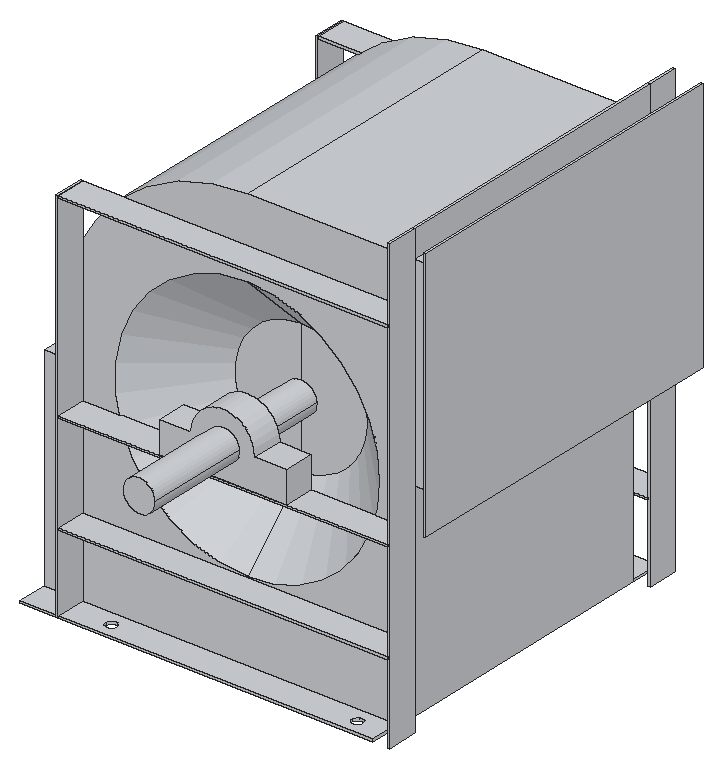
Revit family "CA_DWDI_CW_THD", category Mechanical Equipment, Revit 2019
Family settings
  Round Connector Dimension = Use Radius
  Part Type = Normal
  Work Plane-Based = No
  Always vertical = Yes
  Cut with Voids When Loaded = No
  Shared = No
  Room Calculation Point = No
Parameters (values of type "120_CA-DWDI_CW_THD_CLASS_3")
  X/2 = X / 2  # 0' - 10 31/32"
  X = 1' - 9 15/16"
  W/2 = W / 2  # 0' - 0 11/32"
  W = 0' - 0 11/16"
  V = 1' - 6"
  Unit Weight [instance] = ""
  U = 0' - 7 1/2"
  T = 0' - 9 31/32"
  Sones [instance] = ""
  S = 1' - 7 15/16"
  R/2 = R / 2  # 0' - 0 31/32"
  R+R = R + R  # 0' - 3 7/8"
  R = 0' - 1 15/16"
  P-N-M = P - N - M  # 0' - 1 7/8"
  P-N = -(P - N)  # -1' - 11 9/16"
  P = 2' - 5 15/16"
  N = 0' - 6 3/8"
  Motor RPM [instance] = ""
  Motor Enclosure [instance] = ""
  ModelID [instance] = ""
  M/2 = M / 2  # 0' - 10 27/32"
  M = 1' - 9 11/16"
  LwA [instance] = ""
  L = M / 2  # 0' - 10 27/32"
  K = 1' - 9 1/2"
  J = 1' - 0 3/8"
  INLET/2 = INLET / 2  # 0' - 8 1/16"
  INLET = 1' - 4 1/8"
  H = 2' - 0 1/2"
  G/5*3 = INLET / 2  # 0' - 8 1/16"
  G/10*3 = INLET / 4  # 0' - 4 1/32"
  G-2.5" = G - R  # 0' - 11 1/16"
  G-(G/5*3) = G - (INLET / 2)  # 0' - 4 15/16"
  G+((G/5*3)+2") = G + ((INLET / 2) + 0' 2")  # 1' - 11 1/16"
  G = 1' - 1"
  Fan RPM [instance] = ""
  F-((D-A)/2) = F - ((D - A) / 2)  # 2' - 1 7/8"
  F = 2' - 3 9/16"
  E/2 = E / 2  # 0' - 10 17/32"
  E = 1' - 9 1/16"
  D/2 = D / 2  # 0' - 7 3/4"
  D = 1' - 3 1/2"
  B/2 = B / 2  # 0' - 8 27/32"
  B+.25" = B + 0' 0 1/4"  # 1' - 5 15/16"
  B = 1' - 5 11/16"
  Accessories [instance] = ""
  A/2 = A / 2  # 0' - 6 1/16"
  A+.25" = A + 0' 0 1/4"  # 1' - 0 3/8"
  A = 1' - 0 1/8"
  3" = 0' - 3"  # constant formula
  Brake Hp [instance] = ""
  4" = 0' - 4"  # constant formula
  2' = 2' - 0"
  2" = 0' - 2"  # constant formula
  1" = 0' - 1"  # constant formula
  0 = 0' - 0"  # constant formula
  Voltage [instance] = 0 V
  URL = "www.lorencook.com"
  Type Comments = "Airfoil Centrifugal Blower Clockwise Top Horizontal Arrangement 3 Class 3"
  Static Pressure [instance] = 0.00 in-wg
  Power [instance] = Voltage * Motor FLA * sqrt(if(Phase = 3, 3, 1))  # 0 VA
  Phase [instance] = 0
  Number of Poles [instance] = 1
  Motor Hp [instance] = "0"
  Motor FLA [instance] = 0 A
  Model = "CA DWDI"  # constant formula
  Manufacturer = "Loren Cook Company"
  CFM [instance] = 0 CFM
  1.5 = 0' - 1 1/2"  # constant formula
  ONE EIGTH = 0' - 0 1/8"  # constant formula
  -((B+.25")/2) = -((B + 0' 0 1/4") / 2)  # -0' - 8 31/32"
  (M-(B+.25"))/2 = (M - (B + 0' 0 1/4")) / 2  # 0' - 1 7/8"
  (G/5*3)+2" = INLET / 2 + 0' 2"  # 0' - 10 1/16"
  ((B+.25")/2) = ((B + 0' 0 1/4") / 2)  # 0' - 8 31/32"
Reference planes (in)
  plane 1 "Center (Front/Back)": y = 0
  plane 2: z = 0
  plane 3 "Center (Left/Right)": x = 0.40541
Forms (in)
  Extrusion 1, solid
    sketch origin (0, 0, 0) x (1, 0, 0) y (0, 0, 1)
      loop
        arc (0.40541, 25.875) -> (-8.18464, 22.00189) -> (-10.96959, 13) r 11.46238
        line (-10.96959, 13) -> (-11.96959, 13) -> (-11.96959, 0) -> (9.53041, 0) -> (9.53041, 13.5) -> (12.53041, 13.5) -> (12.53041, 25.875) -> (0.40541, 25.875)
    from -8.96875 <- "-((B+.25")/2)" to 8.96875 <- "((B+.25")/2)"
  Revolve 2, void
    sketch origin (0.40541, 0, 0) x (0, 1, 0) y (0, 0, 1)
      loop
        line (8.96875, 21.0625) -> (4.9375, 17.03125) -> (4.9375, 13) -> (8.96875, 13) -> (8.96875, 21.0625)
      loop
        line (-8.96875, 21.0625) -> (-8.96875, 13) -> (-4.9375, 13) -> (-4.9375, 17.03125) -> (-8.96875, 21.0625)
      axis (8.96875, 13) -> (-8.96875, 13)
    angle from 0 to 360
  Extrusion 3, solid
    sketch origin (12.53041, 0, 25.875) x (0, 0, -1) y (0, 1, 0)
      loop
        line (-1.6875, -10.53125) -> (13.8125, -10.53125) -> (13.8125, 10.53125) -> (-1.6875, 10.53125) -> (-1.6875, -10.53125)
    from 0 to -0.125
  Extrusion 4, solid
    sketch origin (0, 0, 0) x (1, 0, 0) y (0, 1, 0)
      loop
        line (9.53041, 10.84375) -> (-11.96959, 10.84375) -> (-11.96959, 8.96875) -> (9.53041, 8.96875) -> (9.53041, 10.84375)
      loop
        line (-11.96959, -10.84375) -> (9.53041, -10.84375) -> (9.53041, -8.96875) -> (-11.96959, -8.96875) -> (-11.96959, -10.84375)
    from 0 to 0.125
  Extrusion 5, void
    sketch origin (0, 0, 0) x (1, 0, 0) y (0, 1, 0)
      loop
        circle (7.90541, 9.96875) r 0.34375
      loop
        circle (-7.09459, 9.96875) r 0.34375
      loop
        circle (-25.09459, 9.96875) r 0.34375
      loop
        circle (-25.09459, -9.96875) r 0.34375
      loop
        circle (-7.09459, -9.96875) r 0.34375
      loop
        circle (7.90541, -9.96875) r 0.34375
    from 0 to 0.125
  Extrusion 6, solid
    sketch origin (-11.96959, -10.84375, 0) x (1, 0, 0) y (0, 0, 1)
      loop
        circle (12.375, 13) r 0.96875
    from 6.375 <- "N" to -23.5625 <- "P-N"
  Extrusion 7, solid
    sketch origin (0, -8.96875, 0) x (1, 0, 0) y (0, 0, 1)
      loop
        line (10.46791, 27.5625) -> (10.46791, 0) -> (10.59291, 0) -> (10.59291, 27.5625) -> (10.46791, 27.5625)
      loop
        line (-9.65709, 0) -> (-9.65709, 23.0625) -> (-9.78209, 23.0625) -> (-9.78209, 0) -> (-9.65709, 0)
    from 0 to 1.875 <- "P-N-M"
  Extrusion 8, solid
    sketch origin (0, -8.96875, 0) x (1, 0, 0) y (0, 0, 1)
      loop
        line (-9.65709, 23.0625) -> (-9.65709, 22.9375) -> (10.46791, 22.9375) -> (10.46791, 23.0625) -> (-9.65709, 23.0625)
      loop
        line (-9.65709, 4.9375) -> (-9.65709, 4.8125) -> (10.46791, 4.8125) -> (10.46791, 4.9375) -> (-9.65709, 4.9375)
      loop
        line (10.46791, 11.0625) -> (-9.65709, 11.0625) -> (-9.65709, 10.9375) -> (10.46791, 10.9375) -> (10.46791, 11.0625)
    from 0 to 1.875 <- "P-N-M"
  Extrusion 9, solid
    sketch origin (0, -8.96875, 0) x (1, 0, 0) y (0, 0, 1)
      loop
        arc (2.34291, 13) -> (0.40541, 14.9375) -> (-1.53209, 13) r 1.9375
        line (-1.53209, 13) -> (-3.46959, 13) -> (-3.46959, 11.0625) -> (4.28041, 11.0625) -> (4.28041, 13) -> (2.34291, 13)
    from 0 to 1.875 <- "P-N-M"
  Extrusion 10, solid
    sketch origin (0, 8.96875, 0) x (-1, 0, 0) y (0, 0, 1)
      loop
        line (-10.46791, 0.125) -> (-10.46791, 27.5625) -> (-10.59291, 27.5625) -> (-10.59291, 0.125) -> (-10.46791, 0.125)
      loop
        line (9.65709, 23.0625) -> (9.65709, 0.125) -> (9.78209, 0.125) -> (9.78209, 23.0625) -> (9.65709, 23.0625)
    from 0 to 1.875 <- "P-N-M"
  Extrusion 11, solid
    sketch origin (0, 8.96875, 0) x (-1, 0, 0) y (0, 0, 1)
      loop
        line (-10.46791, 23.0625) -> (-10.46791, 22.9375) -> (9.65709, 22.9375) -> (9.65709, 23.0625) -> (-10.46791, 23.0625)
      loop
        line (9.65709, 11.0625) -> (-10.46791, 11.0625) -> (-10.46791, 10.9375) -> (9.65709, 10.9375) -> (9.65709, 11.0625)
      loop
        line (-10.46791, 4.9375) -> (-10.46791, 4.8125) -> (9.65709, 4.8125) -> (9.65709, 4.9375) -> (-10.46791, 4.9375)
    from 0 to 1.875 <- "P-N-M"
  Extrusion 12, solid
    sketch origin (0, 8.96875, 0) x (-1, 0, 0) y (0, 0, 1)
      loop
        arc (1.53209, 13) -> (-0.40541, 14.9375) -> (-2.34291, 13) r 1.9375
        line (-2.34291, 13) -> (-4.28041, 13) -> (-4.28041, 11.0625) -> (3.46959, 11.0625) -> (3.46959, 13) -> (1.53209, 13)
    from 0 to 1.875 <- "P-N-M"
  Extrusion 13, solid
    sketch origin (10.46791, -8.96875, 0) x (0, 0, 1) y (0, 1, 0)
      loop
        line (27.5625, 17.9375) -> (25.875, 17.9375) -> (25.875, 0) -> (27.5625, 0) -> (27.5625, 17.9375)
    from 0 to -0.125
Cuts and joins
  Revolve 2, Extrusion 5 cuts Extrusion 1
  Extrusion 5 cuts Extrusion 4
Dimensions and locks (in)
  "F-((D-A)/2)": Extrusion 1 sketch curve to level
  "A+.25"": Extrusion 1 sketch curve to Extrusion 1 sketch curve
  "J": plane 3 "Center (Left/Right)" to Extrusion 1 sketch curve
  "K": Extrusion 1 sketch curve to Extrusion 1 sketch curve
  "H": Extrusion 1 sketch curve to Extrusion 1 sketch curve
  "G": Extrusion 1 sketch curve to level
  "1"": Extrusion 1 sketch curve to Extrusion 1 sketch curve
  "0": Extrusion 1 sketch curve to level
  "0": Extrusion 1 sketch curve to plane 3 "Center (Left/Right)"
  "0": Extrusion 1 to Revolve 2 sketch curve
  "0": Revolve 2 sketch curve to Extrusion 1
  "G": level to Revolve 2 sketch curve
  "G": Revolve 2 sketch curve to level  (x2)
  "G/10*3": Revolve 2 sketch curve to Revolve 2 sketch curve  (x4)
  "E/2": Extrusion 3 sketch curve to plane 1 "Center (Front/Back)"
  "E/2": plane 1 "Center (Front/Back)" to Extrusion 3 sketch curve
  "F": level to Extrusion 3 sketch curve
  "D": Extrusion 3 sketch curve to Extrusion 3 sketch curve
  "0": cut or joined group of Extrusion 1, Revolve 2, Extrusion 5 to Extrusion 4 sketch curve  (x3)
  "0": Extrusion 4 sketch curve to cut or joined group of Extrusion 1, Revolve 2, Extrusion 5  (x3)
  "M/2": Extrusion 4 sketch curve to plane 1 "Center (Front/Back)"
  "M/2": plane 1 "Center (Front/Back)" to Extrusion 4 sketch curve
  "T": plane 1 "Center (Front/Back)" to Extrusion 5 sketch curve  (x3)
  "T": Extrusion 5 sketch curve to plane 1 "Center (Front/Back)"  (x3)
  "U": Extrusion 5 sketch curve to plane 3 "Center (Left/Right)"  (x2)
  "U": plane 3 "Center (Left/Right)" to Extrusion 5 sketch curve  (x2)
  "V": Extrusion 5 sketch curve to Extrusion 5 sketch curve  (x2)
  "G": Extrusion 6 sketch curve to level
  "0": Extrusion 6 sketch curve to plane 3 "Center (Left/Right)"
  "0": Extrusion 7 sketch curve to Extrusion 3
  "0": Extrusion 7 sketch curve to level  (x2)
  "ONE EIGTH": Extrusion 7 sketch curve to Extrusion 7 sketch curve  (x2)
  "(G/5*3)+2"": Extrusion 7 sketch curve to plane 3 "Center (Left/Right)"
  "(G/5*3)+2"": plane 3 "Center (Left/Right)" to Extrusion 7 sketch curve
  "G+((G/5*3)+2")": Extrusion 7 sketch curve to level
  "(G/5*3)+2"": plane 3 "Center (Left/Right)" to Extrusion 8 sketch curve  (x3)
  "(G/5*3)+2"": Extrusion 8 sketch curve to plane 3 "Center (Left/Right)"  (x3)
  "0": Extrusion 8 sketch curve to Extrusion 7
  "ONE EIGTH": Extrusion 8 sketch curve to Extrusion 8 sketch curve  (x3)
  "G-(G/5*3)": Extrusion 8 sketch curve to level
  "G-2.5"": Extrusion 8 sketch curve to level
  "R+R": plane 3 "Center (Left/Right)" to Extrusion 9 sketch curve
  "R+R": Extrusion 9 sketch curve to plane 3 "Center (Left/Right)"
  "0": Extrusion 9 sketch curve to plane 3 "Center (Left/Right)"
  "G": Extrusion 9 sketch curve to cut or joined group of Extrusion 4, Extrusion 5
  "0": Extrusion 9 sketch curve to Extrusion 9 sketch curve  (x2)
  "0": Extrusion 9 sketch curve to Extrusion 8
  "ONE EIGTH": level to Extrusion 10 sketch curve  (x2)
  "0": Extrusion 8 to Extrusion 10 sketch curve
  "0": Extrusion 10 sketch curve to Extrusion 7
  "ONE EIGTH": Extrusion 10 sketch curve to Extrusion 10 sketch curve  (x2)
  "(G/5*3)+2"": Extrusion 10 sketch curve to plane 3 "Center (Left/Right)"
  "(G/5*3)+2"": plane 3 "Center (Left/Right)" to Extrusion 10 sketch curve
  "(G/5*3)+2"": Extrusion 11 sketch curve to plane 3 "Center (Left/Right)"  (x3)
  "(G/5*3)+2"": plane 3 "Center (Left/Right)" to Extrusion 11 sketch curve  (x3)
  "ONE EIGTH": Extrusion 11 sketch curve to Extrusion 11 sketch curve  (x3)
  "0": Extrusion 8 to Extrusion 11 sketch curve  (x3)
  "0": Extrusion 12 sketch curve to Extrusion 11
  "G": level to Extrusion 12 sketch curve  (x3)
  "R+R": plane 3 "Center (Left/Right)" to Extrusion 12 sketch curve
  "R+R": Extrusion 12 sketch curve to plane 3 "Center (Left/Right)"
  "0": Extrusion 12 sketch curve to plane 3 "Center (Left/Right)"
  "0": cut or joined group of Extrusion 1, Revolve 2, Extrusion 5 to Extrusion 13 sketch curve
  "0": Extrusion 13 sketch curve to cut or joined group of Extrusion 1, Revolve 2, Extrusion 5  (x2)
  "0": Extrusion 7 to Extrusion 13 sketch curve
  "INLET/2": Revolve 2 sketch curve to Revolve 2 sketch curve  (x2)
  "W/2": radius of Extrusion 5 sketch curve  (x6)
  "R/2": radius of Extrusion 6 sketch curve
  "R": radius of Extrusion 9 sketch curve
  "R": radius of Extrusion 12 sketch curve
Automatic sketch dimensions
  Extrusion 9 sketch curve to Extrusion 9 sketch curve = 0' - 0"
  plane 1 "Center (Front/Back)" to Revolve 2 sketch curve = 0' - 3.84814"
  Revolve 2 sketch curve to Revolve 2 sketch curve = 0' - 0"
Connectors (in)
  hvac at (0.40541, -8.96875, 13), driven by "INLET/2"
    settings: on cut or joined group of Extrusion 1, Revolve 2, Extrusion 5, index 1, duct flow 0 CFM, flow factor 0, pres drop 0.00 in-wg, loss coef 0, conn angle 0.00°, conn width 12", conn height 12", conn diameter 16 1/8", duct sys type 29, conn prof type 0, flow config 0, flow direction 1, loss method 0, conn ref index -1, conn util no, is conn primary yes, conn desc ""
  hvac at (12.53041, 0, 19.6875), driven by "A", driven by "B"
    settings: on cut or joined group of Extrusion 1, Revolve 2, Extrusion 5, index 2, duct flow 0 CFM, flow factor 0, pres drop 0.00 in-wg, loss coef 0, conn angle 0.00°, conn width 17 11/16", conn height 12 1/8", conn diameter 24", duct sys type 29, conn prof type 1, flow config 0, flow direction 2, loss method 0, conn ref index -1, conn util no, is conn primary no, conn desc ""
  hvac at (0.40541, 8.96875, 13), driven by "INLET/2"
    settings: on cut or joined group of Extrusion 1, Revolve 2, Extrusion 5, index 3, duct flow 0 CFM, flow factor 0, pres drop 0.00 in-wg, loss coef 0, conn angle 0.00°, conn width 12", conn height 12", conn diameter 16 1/8", duct sys type 29, conn prof type 0, flow config 0, flow direction 1, loss method 0, conn ref index -1, conn util no, is conn primary no, conn desc ""
Types (61): name | X/2 | X | W/2 | W | V | U | T | S | R/2 | R+R | R | P-N-M | P-N | P | N | M/2 | M | L | K | J | INLET/2 | INLET | H | G/5*3 | G/10*3 | G-2.5" | G-(G/5*3) | G+((G/5*3)+2") | G | F-((D-A)/2) | F | E/2 | E | D/2 | D | B/2 | B+.25" | B | A/2 | A+.25" | A | Type Comments | -((B+.25")/2) | (M-(B+.25"))/2 | (G/5*3)+2" | ((B+.25")/2)
  (no name) | 0' - 10 31/32" | 1' - 9 15/16" | 0' - 0 11/32" | 0' - 0 11/16" | 1' - 6" | 0' - 7 1/2" | 0' - 9 31/32" | 1' - 7 15/16" | 0' - 0 31/32" | 0' - 3 7/8" | 0' - 1 15/16" | 0' - 1 7/8" | -1' - 11 9/16" | 2' - 5 15/16" | 0' - 6 3/8" | 0' - 10 27/32" | 1' - 9 11/16" | 0' - 10 27/32" | 1' - 9 1/2" | 1' - 0 3/8" | 0' - 8 1/16" | 1' - 4 1/8" | 2' - 0 1/2" | 0' - 8 1/16" | 0' - 4 1/32" | 0' - 11 1/16" | 0' - 4 15/16" | 1' - 11 1/16" | 1' - 1" | 2' - 1 7/8" | 2' - 3 9/16" | 0' - 10 17/32" | 1' - 9 1/16" | 0' - 7 3/4" | 1' - 3 1/2" | 0' - 8 27/32" | 1' - 5 15/16" | 1' - 5 11/16" | 0' - 6 1/16" | 1' - 0 3/8" | 1' - 0 1/8" | "Airfoil Centrifugal Blower Clockwise Top Horizontal Arrangement 3 Class 3" | -0' - 8 31/32" | 0' - 1 7/8" | 0' - 10 1/16" | 0' - 8 31/32"
  120_CA-DWDI_CW_THD_CLASS_1 | 0' - 10 31/32" | 1' - 9 15/16" | 0' - 0 11/32" | 0' - 0 11/16" | 1' - 6" | 0' - 7 1/2" | 0' - 9 31/32" | 1' - 7 15/16" | 0' - 0 23/32" | 0' - 2 7/8" | 0' - 1 7/16" | 0' - 1 1/4" | -1' - 10 15/16" | 2' - 4 11/16" | 0' - 5 3/4" | 0' - 10 27/32" | 1' - 9 11/16" | 0' - 10 27/32" | 1' - 9 1/2" | 1' - 0 3/8" | 0' - 8 1/16" | 1' - 4 1/8" | 2' - 0 1/2" | 0' - 8 1/16" | 0' - 4 1/32" | 0' - 11 9/16" | 0' - 4 15/16" | 1' - 11 1/16" | 1' - 1" | 2' - 1 7/8" | 2' - 3 9/16" | 0' - 10 17/32" | 1' - 9 1/16" | 0' - 7 3/4" | 1' - 3 1/2" | 0' - 8 27/32" | 1' - 5 15/16" | 1' - 5 11/16" | 0' - 6 1/16" | 1' - 0 3/8" | 1' - 0 1/8" | "Airfoil Centrifugal Blower Clockwise Top Horizontal Arrangement 3 Class 1" | -0' - 8 31/32" | 0' - 1 7/8" | 0' - 10 1/16" | 0' - 8 31/32"
  135_CA-DWDI_CW_THD_CLASS_1 | 1' - 0 3/32" | 2' - 0 3/16" | 0' - 0 11/32" | 0' - 0 11/16" | 1' - 6" | 0' - 8 1/2" | 0' - 11 3/32" | 1' - 10 3/16" | 0' - 0 23/32" | 0' - 2 7/8" | 0' - 1 7/16" | 0' - 1 1/4" | -2' - 1 3/16" | 2' - 6 15/16" | 0' - 5 3/4" | 0' - 11 31/32" | 1' - 11 15/16" | 0' - 11 31/32" | 2' - 0" | 1' - 1 7/8" | 0' - 8 13/16" | 1' - 5 5/8" | 2' - 3" | 0' - 8 13/16" | 0' - 4 13/32" | 1' - 0 9/16" | 0' - 5 3/16" | 2' - 0 13/16" | 1' - 2" | 2' - 4 1/2" | 2' - 6 3/16" | 0' - 11 21/32" | 1' - 11 5/16" | 0' - 8 1/2" | 1' - 5" | 0' - 9 31/32" | 1' - 8 3/16" | 1' - 7 15/16" | 0' - 6 13/16" | 1' - 1 7/8" | 1' - 1 5/8" | "Airfoil Centrifugal Blower Clockwise Top Horizontal Arrangement 3 Class 1" | -0' - 10 3/32" | 0' - 1 7/8" | 0' - 10 13/16" | 0' - 10 3/32"
  150_CA-DWDI_CW_THD_CLASS_1 | 1' - 1 1/8" | 2' - 2 1/4" | 0' - 0 11/32" | 0' - 0 11/16" | 1' - 6" | 0' - 9" | 1' - 0 1/8" | 2' - 0 1/4" | 0' - 0 27/32" | 0' - 3 3/8" | 0' - 1 11/16" | 0' - 1 5/8" | -2' - 3 5/8" | 2' - 10 1/4" | 0' - 6 5/8" | 1' - 1" | 2' - 2" | 1' - 1" | 2' - 2" | 1' - 3 3/16" | 0' - 9 9/16" | 1' - 7 1/8" | 2' - 5" | 0' - 9 9/16" | 0' - 4 25/32" | 1' - 1 5/16" | 0' - 5 7/16" | 2' - 2 9/16" | 1' - 3" | 2' - 7 1/8" | 2' - 8 13/16" | 1' - 0 11/16" | 2' - 1 3/8" | 0' - 9 5/16" | 1' - 6 5/8" | 0' - 11" | 1' - 10 1/4" | 1' - 10" | 0' - 7 5/8" | 1' - 3 1/2" | 1' - 3 1/4" | "Airfoil Centrifugal Blower Clockwise Top Horizontal Arrangement 3 Class 1" | -0' - 11 1/8" | 0' - 1 7/8" | 0' - 11 9/16" | 0' - 11 1/8"
  165_CA-DWDI_CW_THD_CLASS_1 | 1' - 2 1/8" | 2' - 4 1/4" | 0' - 0 11/32" | 0' - 0 11/16" | 1' - 6" | 0' - 10" | 1' - 1 1/8" | 2' - 2 1/4" | 0' - 0 27/32" | 0' - 3 3/8" | 0' - 1 11/16" | 0' - 1 5/8" | -2' - 5 5/8" | 3' - 0 1/4" | 0' - 6 5/8" | 1' - 2" | 2' - 4" | 1' - 2" | 2' - 4 1/2" | 1' - 4 5/8" | 0' - 10 19/32" | 1' - 9 3/16" | 2' - 7 1/2" | 0' - 10 19/32" | 0' - 5 19/64" | 1' - 3 5/16" | 0' - 6 13/32" | 2' - 5 19/32" | 1' - 5" | 2' - 10 3/4" | 3' - 0 7/16" | 1' - 1 11/16" | 2' - 3 3/8" | 0' - 10 5/32" | 1' - 8 5/16" | 1' - 0" | 2' - 0 1/4" | 2' - 0" | 0' - 8 15/32" | 1' - 5 3/16" | 1' - 4 15/16" | "Airfoil Centrifugal Blower Clockwise Top Horizontal Arrangement 3 Class 1" | -1' - 0 1/8" | 0' - 1 7/8" | 1' - 0 19/32" | 1' - 0 1/8"
  180_CA-DWDI_CW_THD_CLASS_1 | 1' - 3 5/32" | 2' - 6 5/16" | 0' - 0 11/32" | 0' - 0 11/16" | 1' - 6" | 0' - 11" | 1' - 2 5/32" | 2' - 4 5/16" | 0' - 0 27/32" | 0' - 3 3/8" | 0' - 1 11/16" | 0' - 1 5/8" | -2' - 7 11/16" | 3' - 2 13/16" | 0' - 7 1/8" | 1' - 3 1/32" | 2' - 6 1/16" | 1' - 3 1/32" | 2' - 6 3/4" | 1' - 6 1/8" | 0' - 11 11/32" | 1' - 10 11/16" | 2' - 9 3/4" | 0' - 11 11/32" | 0' - 5 43/64" | 1' - 4 5/16" | 0' - 6 21/32" | 2' - 7 11/32" | 1' - 6" | 3' - 1 3/8" | 3' - 3 1/16" | 1' - 2 23/32" | 2' - 5 7/16" | 0' - 10 15/16" | 1' - 9 7/8" | 1' - 1 1/32" | 2' - 2 5/16" | 2' - 2 1/16" | 0' - 9 1/4" | 1' - 6 3/4" | 1' - 6 1/2" | "Airfoil Centrifugal Blower Clockwise Top Horizontal Arrangement 3 Class 1" | -1' - 1 5/32" | 0' - 1 7/8" | 1' - 1 11/32" | 1' - 1 5/32"
  195_CA-DWDI_CW_THD_CLASS_1 | 1' - 4 11/32" | 2' - 8 11/16" | 0' - 0 11/32" | 0' - 0 11/16" | 0' - 6" | 0' - 11 1/2" | 1' - 3 11/32" | 2' - 6 11/16" | 0' - 0 31/32" | 0' - 3 7/8" | 0' - 1 15/16" | 0' - 2" | -2' - 10 7/16" | 3' - 5 11/16" | 0' - 7 1/4" | 1' - 4 7/32" | 2' - 8 7/16" | 1' - 4 7/32" | 2' - 9" | 1' - 7 7/16" | 1' - 0 3/32" | 2' - 0 3/16" | 3' - 0 1/4" | 1' - 0 3/32" | 0' - 6 3/64" | 1' - 6 1/16" | 0' - 7 29/32" | 2' - 10 3/32" | 1' - 8" | 3' - 5" | 3' - 6 11/16" | 1' - 3 29/32" | 2' - 7 13/16" | 0' - 11 7/16" | 1' - 10 7/8" | 1' - 2 7/32" | 2' - 4 11/16" | 2' - 4 7/16" | 0' - 9 3/4" | 1' - 7 3/4" | 1' - 7 1/2" | "Airfoil Centrifugal Blower Clockwise Top Horizontal Arrangement 3 Class 1" | -1' - 2 11/32" | 0' - 1 7/8" | 1' - 2 3/32" | 1' - 2 11/32"
  210_CA-DWDI_CW_THD_CLASS_1 | 1' - 5 5/16" | 2' - 10 5/8" | 0' - 0 13/32" | 0' - 0 13/16" | 0' - 7" | 1' - 0" | 1' - 4 5/16" | 2' - 8 5/8" | 0' - 0 31/32" | 0' - 3 7/8" | 0' - 1 15/16" | 0' - 1 7/8" | -3' - 0 1/4" | 3' - 8 1/8" | 0' - 7 7/8" | 1' - 5 3/16" | 2' - 10 3/8" | 1' - 5 3/16" | 3' - 2" | 1' - 9" | 1' - 0 31/32" | 2' - 1 15/16" | 3' - 5" | 1' - 0 31/32" | 0' - 6 31/64" | 1' - 7 1/16" | 0' - 8 1/32" | 2' - 11 31/32" | 1' - 9" | 3' - 7 11/16" | 3' - 9 3/8" | 1' - 4 7/8" | 2' - 9 3/4" | 1' - 0 1/2" | 2' - 1" | 1' - 3 3/16" | 2' - 6 5/8" | 2' - 6 3/8" | 0' - 10 13/16" | 1' - 9 7/8" | 1' - 9 5/8" | "Airfoil Centrifugal Blower Clockwise Top Horizontal Arrangement 3 Class 1" | -1' - 3 5/16" | 0' - 1 7/8" | 1' - 2 31/32" | 1' - 3 5/16"
  225_CA-DWDI_CW_THD_CLASS_1 | 1' - 6 3/8" | 3' - 0 3/4" | 0' - 0 13/32" | 0' - 0 13/16" | 0' - 7 1/2" | 1' - 0 1/2" | 1' - 5 3/8" | 2' - 10 3/4" | 0' - 0 31/32" | 0' - 3 7/8" | 0' - 1 15/16" | 0' - 3 7/8" | -3' - 4 3/8" | 4' - 0 1/4" | 0' - 7 7/8" | 1' - 6 1/4" | 3' - 0 1/2" | 1' - 6 1/4" | 3' - 4" | 1' - 10 3/8" | 1' - 1 23/32" | 2' - 3 7/16" | 3' - 7" | 1' - 1 23/32" | 0' - 6 55/64" | 1' - 9 1/16" | 0' - 9 9/32" | 3' - 2 23/32" | 1' - 11" | 3' - 11 5/16" | 4' - 1" | 1' - 5 15/16" | 2' - 11 7/8" | 1' - 1 9/32" | 2' - 2 9/16" | 1' - 4 1/4" | 2' - 8 3/4" | 2' - 8 1/2" | 0' - 11 19/32" | 1' - 11 7/16" | 1' - 11 3/16" | "Airfoil Centrifugal Blower Clockwise Top Horizontal Arrangement 3 Class 1" | -1' - 4 3/8" | 0' - 1 7/8" | 1' - 3 23/32" | 1' - 4 3/8"
  245_CA-DWDI_CW_THD_CLASS_1 | 1' - 8 21/32" | 3' - 5 5/16" | 0' - 0 13/32" | 0' - 0 13/16" | 0' - 8" | 1' - 1 1/2" | 1' - 6 21/32" | 3' - 1 5/16" | 0' - 1 3/32" | 0' - 4 3/8" | 0' - 2 3/16" | 0' - 2 1/8" | -3' - 5 3/16" | 4' - 1 13/16" | 0' - 8 5/8" | 1' - 7 17/32" | 3' - 3 1/16" | 1' - 7 17/32" | 3' - 7" | 2' - 0 1/4" | 1' - 2 23/32" | 2' - 5 7/16" | 3' - 10" | 1' - 2 23/32" | 0' - 7 23/64" | 1' - 10 13/16" | 0' - 10 9/32" | 3' - 5 23/32" | 2' - 1" | 4' - 3 7/16" | 4' - 5 1/8" | 1' - 7 7/32" | 3' - 2 7/16" | 1' - 2 7/16" | 2' - 4 7/8" | 1' - 5 17/32" | 2' - 11 5/16" | 2' - 11 1/16" | 1' - 0 3/4" | 2' - 1 3/4" | 2' - 1 1/2" | "Airfoil Centrifugal Blower Clockwise Top Horizontal Arrangement 3 Class 1" | -1' - 5 21/32" | 0' - 1 7/8" | 1' - 4 23/32" | 1' - 5 21/32"
  270_CA-DWDI_CW_THD_CLASS_1 | 1' - 10 27/32" | 3' - 9 11/16" | 0' - 0 13/32" | 0' - 0 13/16" | 0' - 9" | 1' - 3" | 1' - 8 27/32" | 3' - 5 11/16" | 0' - 1 3/32" | 0' - 4 3/8" | 0' - 2 3/16" | 0' - 2 1/8" | -3' - 9 9/16" | 4' - 6 3/16" | 0' - 8 5/8" | 1' - 9 23/32" | 3' - 7 7/16" | 1' - 9 23/32" | 3' - 11" | 2' - 2 5/8" | 1' - 3 31/32" | 2' - 7 15/16" | 4' - 2" | 1' - 3 31/32" | 0' - 7 63/64" | 2' - 0 13/16" | 0' - 11 1/32" | 3' - 8 31/32" | 2' - 3" | 4' - 8 3/16" | 4' - 9 7/8" | 1' - 9 13/32" | 3' - 6 13/16" | 1' - 3 7/16" | 2' - 6 7/8" | 1' - 7 23/32" | 3' - 3 11/16" | 3' - 3 7/16" | 1' - 1 3/4" | 2' - 3 3/4" | 2' - 3 1/2" | "Airfoil Centrifugal Blower Clockwise Top Horizontal Arrangement 3 Class 1" | -1' - 7 27/32" | 0' - 1 7/8" | 1' - 5 31/32" | 1' - 7 27/32"
  300_CA-DWDI_CW_THD_CLASS_1 | 2' - 0 5/8" | 4' - 1 1/4" | 0' - 0 13/32" | 0' - 0 13/16" | 0' - 10" | 1' - 4 1/2" | 1' - 10 5/8" | 3' - 9 1/4" | 0' - 1 7/32" | 0' - 4 7/8" | 0' - 2 7/16" | 0' - 2 1/4" | -4' - 1 1/4" | 4' - 10 1/2" | 0' - 9 1/4" | 1' - 11 1/2" | 3' - 11" | 1' - 11 1/2" | 4' - 4" | 2' - 5 1/2" | 1' - 5 15/32" | 2' - 10 15/16" | 4' - 7 3/8" | 1' - 5 15/32" | 0' - 8 47/64" | 2' - 3 9/16" | 1' - 0 17/32" | 4' - 1 15/32" | 2' - 6" | 5' - 2 13/32" | 5' - 4 1/8" | 1' - 11 7/32" | 3' - 10 7/16" | 1' - 5 5/16" | 2' - 10 5/8" | 1' - 9 1/2" | 3' - 7 1/4" | 3' - 7" | 1' - 3 19/32" | 2' - 7 7/16" | 2' - 7 3/16" | "Airfoil Centrifugal Blower Clockwise Top Horizontal Arrangement 3 Class 1" | -1' - 9 5/8" | 0' - 1 7/8" | 1' - 7 15/32" | 1' - 9 5/8"
  330_CA-DWDI_CW_THD_CLASS_1 | 2' - 2 23/32" | 4' - 5 7/16" | 0' - 0 13/32" | 0' - 0 13/16" | 1' - 0" | 1' - 6" | 2' - 0 21/32" | 4' - 1 5/16" | 0' - 1 11/32" | 0' - 5 3/8" | 0' - 2 11/16" | 0' - 2 7/16" | -4' - 5 1/2" | 5' - 3 9/16" | 0' - 10 1/16" | 2' - 1 17/32" | 4' - 3 1/16" | 2' - 1 17/32" | 4' - 9" | 2' - 8 5/16" | 1' - 6 31/32" | 3' - 1 15/16" | 5' - 0 3/4" | 1' - 6 31/32" | 0' - 9 31/64" | 2' - 6 5/16" | 1' - 2 1/32" | 4' - 5 31/32" | 2' - 9" | 5' - 8 21/32" | 5' - 10 7/8" | 2' - 1 3/4" | 4' - 3 1/2" | 1' - 7 15/32" | 3' - 2 15/16" | 1' - 11 17/32" | 3' - 11 5/16" | 3' - 11 1/16" | 1' - 5 1/4" | 2' - 10 3/4" | 2' - 10 1/2" | "Airfoil Centrifugal Blower Clockwise Top Horizontal Arrangement 3 Class 1" | -1' - 11 21/32" | 0' - 1 7/8" | 1' - 8 31/32" | 1' - 11 21/32"
  365_CA-DWDI_CW_THD_CLASS_1 | 2' - 5 9/32" | 4' - 10 9/16" | 0' - 0 13/32" | 0' - 0 13/16" | 1' - 1" | 1' - 8" | 2' - 3 7/32" | 4' - 6 7/16" | 0' - 1 3/32" | 0' - 4 3/8" | 0' - 2 3/16" | 0' - 2 13/16" | -4' - 11" | 5' - 9 5/16" | 0' - 10 5/16" | 2' - 4 3/32" | 4' - 8 3/16" | 2' - 4 3/32" | 5' - 3" | 2' - 11 9/16" | 1' - 8 23/32" | 3' - 5 7/16" | 5' - 7" | 1' - 8 23/32" | 0' - 10 23/64" | 2' - 9 13/16" | 1' - 3 9/32" | 4' - 10 23/32" | 3' - 0" | 6' - 3 17/32" | 6' - 5 3/4" | 2' - 4 5/16" | 4' - 8 5/8" | 1' - 9 9/16" | 3' - 7 1/8" | 2' - 2 3/32" | 4' - 4 7/16" | 4' - 4 3/16" | 1' - 7 11/32" | 3' - 2 15/16" | 3' - 2 11/16" | "Airfoil Centrifugal Blower Clockwise Top Horizontal Arrangement 3 Class 1" | -2' - 2 7/32" | 0' - 1 7/8" | 1' - 10 23/32" | 2' - 2 7/32"
  402_CA-DWDI_CW_THD_CLASS_1 | 2' - 8 19/32" | 5' - 5 3/16" | 0' - 0 17/32" | 0' - 1 1/16" | 1' - 2" | 1' - 10" | 2' - 6 21/32" | 5' - 1 5/16" | 0' - 1 7/32" | 0' - 4 7/8" | 0' - 2 7/16" | 0' - 1 7/8" | -5' - 5 11/16" | 6' - 3 11/16" | 0' - 10" | 2' - 7 29/32" | 5' - 3 13/16" | 2' - 7 29/32" | 5' - 9" | 3' - 3 3/16" | 1' - 10 19/32" | 3' - 9 3/16" | 6' - 1 7/8" | 1' - 10 19/32" | 0' - 11 19/64" | 3' - 1 9/16" | 1' - 5 13/32" | 5' - 4 19/32" | 3' - 4" | 6' - 11 17/32" | 7' - 1 3/4" | 2' - 7 1/8" | 5' - 2 1/4" | 1' - 11 3/32" | 3' - 10 3/16" | 2' - 4 29/32" | 4' - 10 1/16" | 4' - 9 13/16" | 1' - 8 7/8" | 3' - 6" | 3' - 5 3/4" | "Airfoil Centrifugal Blower Clockwise Top Horizontal Arrangement 3 Class 1" | -2' - 5 1/32" | 0' - 2 7/8" | 2' - 0 19/32" | 2' - 5 1/32"
  445_CA-DWDI_CW_THD_CLASS_1 | 2' - 11 13/16" | 5' - 11 5/8" | 0' - 0 17/32" | 0' - 1 1/16" | 1' - 4" | 2' - 0" | 2' - 9 7/8" | 5' - 7 3/4" | 0' - 1 7/32" | 0' - 4 7/8" | 0' - 2 7/16" | 0' - 1 3/4" | -6' - 0" | 6' - 10 5/8" | 0' - 10 5/8" | 2' - 11 1/8" | 5' - 10 1/4" | 2' - 11 1/8" | 6' - 5" | 3' - 7 3/16" | 2' - 0 23/32" | 4' - 1 7/16" | 6' - 9 1/2" | 2' - 0 23/32" | 1' - 0 23/64" | 3' - 5 9/16" | 1' - 7 9/32" | 5' - 10 23/32" | 3' - 8" | 7' - 8 13/32" | 7' - 10 5/8" | 2' - 10 11/32" | 5' - 8 11/16" | 2' - 1 3/16" | 4' - 2 3/8" | 2' - 8 1/8" | 5' - 4 1/2" | 5' - 4 1/4" | 1' - 10 31/32" | 3' - 10 3/16" | 3' - 9 15/16" | "Airfoil Centrifugal Blower Clockwise Top Horizontal Arrangement 3 Class 1" | -2' - 8 1/4" | 0' - 2 7/8" | 2' - 2 23/32" | 2' - 8 1/4"
  490_CA-DWDI_CW_THD_CLASS_1 | 3' - 2 3/4" | 6' - 5 1/2" | 0' - 0 17/32" | 0' - 1 1/16" | 1' - 6" | 2' - 2 1/2" | 3' - 0 13/16" | 6' - 1 5/8" | 0' - 1 15/32" | 0' - 5 7/8" | 0' - 2 15/16" | 0' - 1 7/8" | -6' - 6" | 7' - 5 1/2" | 0' - 11 1/2" | 3' - 2 1/16" | 6' - 4 1/8" | 3' - 2 1/16" | 7' - 1" | 3' - 11 9/16" | 2' - 3 1/2" | 4' - 7" | 7' - 5 3/4" | 2' - 3 1/2" | 1' - 1 3/4" | 3' - 9 1/16" | 1' - 8 1/2" | 6' - 5 1/2" | 4' - 0" | 8' - 5 1/32" | 8' - 7 1/4" | 3' - 1 9/32" | 6' - 2 9/16" | 2' - 3 23/32" | 4' - 7 7/16" | 2' - 11 1/16" | 5' - 10 3/8" | 5' - 10 1/8" | 2' - 1 1/2" | 4' - 3 1/4" | 4' - 3" | "Airfoil Centrifugal Blower Clockwise Top Horizontal Arrangement 3 Class 1" | -2' - 11 3/16" | 0' - 2 7/8" | 2' - 5 1/2" | 2' - 11 3/16"
  540_CA-DWDI_CW_THD_CLASS_1 | 3' - 8 5/32" | 7' - 4 5/16" | 0' - 0 17/32" | 0' - 1 1/16" | 1' - 8" | 2' - 5" | 3' - 4 23/32" | 6' - 9 7/16" | 0' - 1 23/32" | 0' - 6 7/8" | 0' - 3 7/16" | 0' - 1 15/16" | -7' - 1 7/8" | 8' - 2 5/16" | 1' - 0 7/16" | 3' - 5 31/32" | 6' - 11 15/16" | 3' - 5 31/32" | 7' - 10" | 4' - 4 1/4" | 2' - 6" | 5' - 0" | 8' - 2 3/4" | 2' - 6" | 1' - 3" | 4' - 1 9/16" | 1' - 11" | 7' - 1" | 4' - 5" | 9' - 3 17/32" | 9' - 5 3/4" | 3' - 5 3/16" | 6' - 10 3/8" | 2' - 6 3/32" | 5' - 0 3/16" | 3' - 2 31/32" | 6' - 6 3/16" | 6' - 5 15/16" | 2' - 3 7/8" | 4' - 8" | 4' - 7 3/4" | "Airfoil Centrifugal Blower Clockwise Top Horizontal Arrangement 3 Class 1" | -3' - 3 3/32" | 0' - 2 7/8" | 2' - 8" | 3' - 3 3/32"
  600_CA-DWDI_CW_THD_CLASS_1 | 4' - 0 5/16" | 8' - 0 5/8" | 0' - 0 17/32" | 0' - 1 1/16" | 1' - 10" | 2' - 8" | 3' - 8 7/8" | 7' - 5 3/4" | 0' - 1 23/32" | 0' - 6 7/8" | 0' - 3 7/16" | 0' - 2 1/4" | -7' - 10 1/2" | 8' - 11 1/2" | 1' - 1" | 3' - 10 1/8" | 7' - 8 1/4" | 3' - 10 1/8" | 8' - 9" | 4' - 9 15/16" | 2' - 9" | 5' - 6" | 9' - 1 5/8" | 2' - 9" | 1' - 4 1/2" | 4' - 7 9/16" | 2' - 2" | 7' - 10" | 4' - 11" | 10' - 4 1/32" | 10' - 6 1/4" | 3' - 9 11/32" | 7' - 6 11/16" | 2' - 9 5/16" | 5' - 6 5/8" | 3' - 7 1/8" | 7' - 2 1/2" | 7' - 2 1/4" | 2' - 7 3/32" | 5' - 2 7/16" | 5' - 2 3/16" | "Airfoil Centrifugal Blower Clockwise Top Horizontal Arrangement 3 Class 1" | -3' - 7 1/4" | 0' - 2 7/8" | 2' - 11" | 3' - 7 1/4"
  660_CA-DWDI_CW_THD_CLASS_1 | 4' - 4 5/8" | 8' - 9 1/4" | 0' - 0 17/32" | 0' - 1 1/16" | 2' - 1" | 2' - 11" | 4' - 1 3/16" | 8' - 2 3/8" | 0' - 1 31/32" | 0' - 7 7/8" | 0' - 3 15/16" | 0' - 2 3/16" | -8' - 7 1/16" | 9' - 9 7/8" | 1' - 2 13/16" | 4' - 2 7/16" | 8' - 4 7/8" | 4' - 2 7/16" | 9' - 8" | 5' - 3 3/4" | 3' - 0" | 6' - 0" | 10' - 0 5/8" | 3' - 0" | 1' - 6" | 5' - 1 1/16" | 2' - 5" | 8' - 7" | 5' - 5" | 11' - 4 17/32" | 11' - 6 3/4" | 4' - 1 21/32" | 8' - 3 5/16" | 3' - 0 7/16" | 6' - 0 7/8" | 3' - 11 7/16" | 7' - 11 1/8" | 7' - 10 7/8" | 2' - 10 7/32" | 5' - 8 11/16" | 5' - 8 7/16" | "Airfoil Centrifugal Blower Clockwise Top Horizontal Arrangement 3 Class 1" | -3' - 11 9/16" | 0' - 2 7/8" | 3' - 2" | 3' - 11 9/16"
  730 _CA-DWDI_CW_THD_CLASS_1 | 4' - 9 9/16" | 9' - 7 1/8" | 0' - 0 17/32" | 0' - 1 1/16" | 2' - 4" | 3' - 2 1/2" | 4' - 6 1/8" | 9' - 0 1/4" | 0' - 2 7/32" | 0' - 8 7/8" | 0' - 4 7/16" | 0' - 2 3/16" | -9' - 4 15/16" | 10' - 9 1/4" | 1' - 4 5/16" | 4' - 7 3/8" | 9' - 2 3/4" | 4' - 7 3/8" | 10' - 9" | 5' - 10 3/8" | 3' - 3 1/2" | 6' - 7" | 11' - 1 1/4" | 3' - 3 1/2" | 1' - 7 3/4" | 5' - 7 9/16" | 2' - 8 1/2" | 9' - 5 1/2" | 6' - 0" | 12' - 7 5/32" | 12' - 9 3/8" | 4' - 6 19/32" | 9' - 1 3/16" | 3' - 4 1/8" | 6' - 8 1/4" | 4' - 4 3/8" | 8' - 9" | 8' - 8 3/4" | 3' - 1 29/32" | 6' - 4 1/16" | 6' - 3 13/16" | "Airfoil Centrifugal Blower Clockwise Top Horizontal Arrangement 3 Class 1" | -4' - 4 1/2" | 0' - 2 7/8" | 3' - 5 1/2" | 4' - 4 1/2"
  120_CA-DWDI_CW_THD_CLASS_2 | 0' - 10 31/32" | 1' - 9 15/16" | 0' - 0 11/32" | 0' - 0 11/16" | 1' - 6" | 0' - 7 1/2" | 0' - 9 31/32" | 1' - 7 15/16" | 0' - 0 27/32" | 0' - 3 3/8" | 0' - 1 11/16" | 0' - 1 5/8" | -1' - 11 5/16" | 2' - 5 7/16" | 0' - 6 1/8" | 0' - 10 27/32" | 1' - 9 11/16" | 0' - 10 27/32" | 1' - 9 1/2" | 1' - 0 3/8" | 0' - 8 1/16" | 1' - 4 1/8" | 2' - 0 1/2" | 0' - 8 1/16" | 0' - 4 1/32" | 0' - 11 5/16" | 0' - 4 15/16" | 1' - 11 1/16" | 1' - 1" | 2' - 1 7/8" | 2' - 3 9/16" | 0' - 10 17/32" | 1' - 9 1/16" | 0' - 7 3/4" | 1' - 3 1/2" | 0' - 8 27/32" | 1' - 5 15/16" | 1' - 5 11/16" | 0' - 6 1/16" | 1' - 0 3/8" | 1' - 0 1/8" | "Airfoil Centrifugal Blower Clockwise Top Horizontal Arrangement 3 Class 2" | -0' - 8 31/32" | 0' - 1 7/8" | 0' - 10 1/16" | 0' - 8 31/32"
  120_CA-DWDI_CW_THD_CLASS_3 | 0' - 10 31/32" | 1' - 9 15/16" | 0' - 0 11/32" | 0' - 0 11/16" | 1' - 6" | 0' - 7 1/2" | 0' - 9 31/32" | 1' - 7 15/16" | 0' - 0 31/32" | 0' - 3 7/8" | 0' - 1 15/16" | 0' - 1 7/8" | -1' - 11 9/16" | 2' - 5 15/16" | 0' - 6 3/8" | 0' - 10 27/32" | 1' - 9 11/16" | 0' - 10 27/32" | 1' - 9 1/2" | 1' - 0 3/8" | 0' - 8 1/16" | 1' - 4 1/8" | 2' - 0 1/2" | 0' - 8 1/16" | 0' - 4 1/32" | 0' - 11 1/16" | 0' - 4 15/16" | 1' - 11 1/16" | 1' - 1" | 2' - 1 7/8" | 2' - 3 9/16" | 0' - 10 17/32" | 1' - 9 1/16" | 0' - 7 3/4" | 1' - 3 1/2" | 0' - 8 27/32" | 1' - 5 15/16" | 1' - 5 11/16" | 0' - 6 1/16" | 1' - 0 3/8" | 1' - 0 1/8" | "Airfoil Centrifugal Blower Clockwise Top Horizontal Arrangement 3 Class 3" | -0' - 8 31/32" | 0' - 1 7/8" | 0' - 10 1/16" | 0' - 8 31/32"
  135_CA-DWDI_CW_THD_CLASS_2 | 1' - 0 3/32" | 2' - 0 3/16" | 0' - 0 11/32" | 0' - 0 11/16" | 1' - 6" | 0' - 8 1/2" | 0' - 11 3/32" | 1' - 10 3/16" | 0' - 0 27/32" | 0' - 3 3/8" | 0' - 1 11/16" | 0' - 1 5/8" | -2' - 1 9/16" | 2' - 7 11/16" | 0' - 6 1/8" | 0' - 11 31/32" | 1' - 11 15/16" | 0' - 11 31/32" | 2' - 0" | 1' - 1 7/8" | 0' - 8 13/16" | 1' - 5 5/8" | 2' - 3" | 0' - 8 13/16" | 0' - 4 13/32" | 1' - 0 5/16" | 0' - 5 3/16" | 2' - 0 13/16" | 1' - 2" | 2' - 4 1/2" | 2' - 6 3/16" | 0' - 11 21/32" | 1' - 11 5/16" | 0' - 8 1/2" | 1' - 5" | 0' - 9 31/32" | 1' - 8 3/16" | 1' - 7 15/16" | 0' - 6 13/16" | 1' - 1 7/8" | 1' - 1 5/8" | "Airfoil Centrifugal Blower Clockwise Top Horizontal Arrangement 3 Class 2" | -0' - 10 3/32" | 0' - 1 7/8" | 0' - 10 13/16" | 0' - 10 3/32"
  135_CA-DWDI_CW_THD_CLASS_3 | 1' - 0 3/32" | 2' - 0 3/16" | 0' - 0 11/32" | 0' - 0 11/16" | 1' - 6" | 0' - 8 1/2" | 0' - 11 3/32" | 1' - 10 3/16" | 0' - 1 3/32" | 0' - 4 3/8" | 0' - 2 3/16" | 0' - 2 1/8" | -2' - 2 1/16" | 2' - 8 11/16" | 0' - 6 5/8" | 0' - 11 31/32" | 1' - 11 15/16" | 0' - 11 31/32" | 2' - 0" | 1' - 1 7/8" | 0' - 8 13/16" | 1' - 5 5/8" | 2' - 3" | 0' - 8 13/16" | 0' - 4 13/32" | 0' - 11 13/16" | 0' - 5 3/16" | 2' - 0 13/16" | 1' - 2" | 2' - 4 1/2" | 2' - 6 3/16" | 0' - 11 21/32" | 1' - 11 5/16" | 0' - 8 1/2" | 1' - 5" | 0' - 9 31/32" | 1' - 8 3/16" | 1' - 7 15/16" | 0' - 6 13/16" | 1' - 1 7/8" | 1' - 1 5/8" | "Airfoil Centrifugal Blower Clockwise Top Horizontal Arrangement 3 Class 3" | -0' - 10 3/32" | 0' - 1 7/8" | 0' - 10 13/16" | 0' - 10 3/32"
  150_CA-DWDI_CW_THD_CLASS_2 | 1' - 1 1/8" | 2' - 2 1/4" | 0' - 0 11/32" | 0' - 0 11/16" | 1' - 6" | 0' - 9" | 1' - 0 1/8" | 2' - 0 1/4" | 0' - 0 31/32" | 0' - 3 7/8" | 0' - 1 15/16" | 0' - 1 7/8" | -2' - 3 7/8" | 2' - 10 3/4" | 0' - 6 7/8" | 1' - 1" | 2' - 2" | 1' - 1" | 2' - 2" | 1' - 3 3/16" | 0' - 9 9/16" | 1' - 7 1/8" | 2' - 5" | 0' - 9 9/16" | 0' - 4 25/32" | 1' - 1 1/16" | 0' - 5 7/16" | 2' - 2 9/16" | 1' - 3" | 2' - 7 1/8" | 2' - 8 13/16" | 1' - 0 11/16" | 2' - 1 3/8" | 0' - 9 5/16" | 1' - 6 5/8" | 0' - 11" | 1' - 10 1/4" | 1' - 10" | 0' - 7 5/8" | 1' - 3 1/2" | 1' - 3 1/4" | "Airfoil Centrifugal Blower Clockwise Top Horizontal Arrangement 3 Class 2" | -0' - 11 1/8" | 0' - 1 7/8" | 0' - 11 9/16" | 0' - 11 1/8"
  150_CA-DWDI_CW_THD_CLASS_3 | 1' - 1 1/8" | 2' - 2 1/4" | 0' - 0 11/32" | 0' - 0 11/16" | 1' - 6" | 0' - 9" | 1' - 0 1/8" | 2' - 0 1/4" | 0' - 1 7/32" | 0' - 4 7/8" | 0' - 2 7/16" | 0' - 2 1/4" | -2' - 4 1/4" | 2' - 11 1/2" | 0' - 7 1/4" | 1' - 1" | 2' - 2" | 1' - 1" | 2' - 2" | 1' - 3 3/16" | 0' - 9 9/16" | 1' - 7 1/8" | 2' - 5" | 0' - 9 9/16" | 0' - 4 25/32" | 1' - 0 9/16" | 0' - 5 7/16" | 2' - 2 9/16" | 1' - 3" | 2' - 7 1/8" | 2' - 8 13/16" | 1' - 0 11/16" | 2' - 1 3/8" | 0' - 9 5/16" | 1' - 6 5/8" | 0' - 11" | 1' - 10 1/4" | 1' - 10" | 0' - 7 5/8" | 1' - 3 1/2" | 1' - 3 1/4" | "Airfoil Centrifugal Blower Clockwise Top Horizontal Arrangement 3 Class 3" | -0' - 11 1/8" | 0' - 1 7/8" | 0' - 11 9/16" | 0' - 11 1/8"
  165_CA-DWDI_CW_THD_CLASS_2 | 1' - 2 1/8" | 2' - 4 1/4" | 0' - 0 11/32" | 0' - 0 11/16" | 1' - 6" | 0' - 10" | 1' - 1 1/8" | 2' - 2 1/4" | 0' - 0 31/32" | 0' - 3 7/8" | 0' - 1 15/16" | 0' - 1 7/8" | -2' - 5 7/8" | 3' - 0 3/4" | 0' - 6 7/8" | 1' - 2" | 2' - 4" | 1' - 2" | 2' - 4 1/2" | 1' - 4 5/8" | 0' - 10 19/32" | 1' - 9 3/16" | 2' - 7 1/2" | 0' - 10 19/32" | 0' - 5 19/64" | 1' - 3 1/16" | 0' - 6 13/32" | 2' - 5 19/32" | 1' - 5" | 2' - 10 3/4" | 3' - 0 7/16" | 1' - 1 11/16" | 2' - 3 3/8" | 0' - 10 5/32" | 1' - 8 5/16" | 1' - 0" | 2' - 0 1/4" | 2' - 0" | 0' - 8 15/32" | 1' - 5 3/16" | 1' - 4 15/16" | "Airfoil Centrifugal Blower Clockwise Top Horizontal Arrangement 3 Class 2" | -1' - 0 1/8" | 0' - 1 7/8" | 1' - 0 19/32" | 1' - 0 1/8"
  165_CA-DWDI_CW_THD_CLASS_3 | 1' - 2 1/8" | 2' - 4 1/4" | 0' - 0 11/32" | 0' - 0 11/16" | 1' - 6" | 0' - 10" | 1' - 1 1/8" | 2' - 2 1/4" | 0' - 1 7/32" | 0' - 4 7/8" | 0' - 2 7/16" | 0' - 2 5/16" | -2' - 6 5/16" | 3' - 1 1/2" | 0' - 7 3/16" | 1' - 2" | 2' - 4" | 1' - 2" | 2' - 4 1/2" | 1' - 4 5/8" | 0' - 10 19/32" | 1' - 9 3/16" | 2' - 7 1/2" | 0' - 10 19/32" | 0' - 5 19/64" | 1' - 2 9/16" | 0' - 6 13/32" | 2' - 5 19/32" | 1' - 5" | 2' - 10 3/4" | 3' - 0 7/16" | 1' - 1 11/16" | 2' - 3 3/8" | 0' - 10 5/32" | 1' - 8 5/16" | 1' - 0" | 2' - 0 1/4" | 2' - 0" | 0' - 8 15/32" | 1' - 5 3/16" | 1' - 4 15/16" | "Airfoil Centrifugal Blower Clockwise Top Horizontal Arrangement 3 Class 3" | -1' - 0 1/8" | 0' - 1 7/8" | 1' - 0 19/32" | 1' - 0 1/8"
  180_CA-DWDI_CW_THD_CLASS_2 | 1' - 3 5/32" | 2' - 6 5/16" | 0' - 0 11/32" | 0' - 0 11/16" | 1' - 6" | 0' - 11" | 1' - 2 5/32" | 2' - 4 5/16" | 0' - 0 31/32" | 0' - 3 7/8" | 0' - 1 15/16" | 0' - 1 7/8" | -2' - 7 15/16" | 3' - 3 5/16" | 0' - 7 3/8" | 1' - 3 1/32" | 2' - 6 1/16" | 1' - 3 1/32" | 2' - 6 3/4" | 1' - 6 1/8" | 0' - 11 11/32" | 1' - 10 11/16" | 2' - 9 3/4" | 0' - 11 11/32" | 0' - 5 43/64" | 1' - 4 1/16" | 0' - 6 21/32" | 2' - 7 11/32" | 1' - 6" | 3' - 1 3/8" | 3' - 3 1/16" | 1' - 2 23/32" | 2' - 5 7/16" | 0' - 10 15/16" | 1' - 9 7/8" | 1' - 1 1/32" | 2' - 2 5/16" | 2' - 2 1/16" | 0' - 9 1/4" | 1' - 6 3/4" | 1' - 6 1/2" | "Airfoil Centrifugal Blower Clockwise Top Horizontal Arrangement 3 Class 2" | -1' - 1 5/32" | 0' - 1 7/8" | 1' - 1 11/32" | 1' - 1 5/32"
  180_CA-DWDI_CW_THD_CLASS_3 | 1' - 3 5/32" | 2' - 6 5/16" | 0' - 0 11/32" | 0' - 0 11/16" | 1' - 6" | 0' - 11" | 1' - 2 5/32" | 2' - 4 5/16" | 0' - 1 7/32" | 0' - 4 7/8" | 0' - 2 7/16" | 0' - 2 1/4" | -2' - 8 5/16" | 3' - 4 1/16" | 0' - 7 3/4" | 1' - 3 1/32" | 2' - 6 1/16" | 1' - 3 1/32" | 2' - 6 3/4" | 1' - 6 1/8" | 0' - 11 11/32" | 1' - 10 11/16" | 2' - 9 3/4" | 0' - 11 11/32" | 0' - 5 43/64" | 1' - 3 9/16" | 0' - 6 21/32" | 2' - 7 11/32" | 1' - 6" | 3' - 1 3/8" | 3' - 3 1/16" | 1' - 2 23/32" | 2' - 5 7/16" | 0' - 10 15/16" | 1' - 9 7/8" | 1' - 1 1/32" | 2' - 2 5/16" | 2' - 2 1/16" | 0' - 9 1/4" | 1' - 6 3/4" | 1' - 6 1/2" | "Airfoil Centrifugal Blower Clockwise Top Horizontal Arrangement 3 Class 3" | -1' - 1 5/32" | 0' - 1 7/8" | 1' - 1 11/32" | 1' - 1 5/32"
  195_CA-DWDI_CW_THD_CLASS_2 | 1' - 4 11/32" | 2' - 8 11/16" | 0' - 0 11/32" | 0' - 0 11/16" | 0' - 6" | 0' - 11 1/2" | 1' - 3 11/32" | 2' - 6 11/16" | 0' - 1 3/32" | 0' - 4 3/8" | 0' - 2 3/16" | 0' - 2 1/8" | -2' - 10 9/16" | 3' - 6 3/16" | 0' - 7 5/8" | 1' - 4 7/32" | 2' - 8 7/16" | 1' - 4 7/32" | 2' - 9" | 1' - 7 7/16" | 1' - 0 3/32" | 2' - 0 3/16" | 3' - 0 1/4" | 1' - 0 3/32" | 0' - 6 3/64" | 1' - 5 13/16" | 0' - 7 29/32" | 2' - 10 3/32" | 1' - 8" | 3' - 5" | 3' - 6 11/16" | 1' - 3 29/32" | 2' - 7 13/16" | 0' - 11 7/16" | 1' - 10 7/8" | 1' - 2 7/32" | 2' - 4 11/16" | 2' - 4 7/16" | 0' - 9 3/4" | 1' - 7 3/4" | 1' - 7 1/2" | "Airfoil Centrifugal Blower Clockwise Top Horizontal Arrangement 3 Class 2" | -1' - 2 11/32" | 0' - 1 7/8" | 1' - 2 3/32" | 1' - 2 11/32"
  195_CA-DWDI_CW_THD_CLASS_3 | 1' - 4 11/32" | 2' - 8 11/16" | 0' - 0 11/32" | 0' - 0 11/16" | 0' - 6" | 0' - 11 1/2" | 1' - 3 11/32" | 2' - 6 11/16" | 0' - 1 11/32" | 0' - 5 3/8" | 0' - 2 11/16" | 0' - 2 1/2" | -2' - 10 15/16" | 3' - 6 15/16" | 0' - 8" | 1' - 4 7/32" | 2' - 8 7/16" | 1' - 4 7/32" | 2' - 9" | 1' - 7 7/16" | 1' - 0 3/32" | 2' - 0 3/16" | 3' - 0 1/4" | 1' - 0 3/32" | 0' - 6 3/64" | 1' - 5 5/16" | 0' - 7 29/32" | 2' - 10 3/32" | 1' - 8" | 3' - 5" | 3' - 6 11/16" | 1' - 3 29/32" | 2' - 7 13/16" | 0' - 11 7/16" | 1' - 10 7/8" | 1' - 2 7/32" | 2' - 4 11/16" | 2' - 4 7/16" | 0' - 9 3/4" | 1' - 7 3/4" | 1' - 7 1/2" | "Airfoil Centrifugal Blower Clockwise Top Horizontal Arrangement 3 Class 3" | -1' - 2 11/32" | 0' - 1 7/8" | 1' - 2 3/32" | 1' - 2 11/32"
  210_CA-DWDI_CW_THD_CLASS_2 | 1' - 5 5/16" | 2' - 10 5/8" | 0' - 0 13/32" | 0' - 0 13/16" | 0' - 7" | 1' - 0" | 1' - 4 5/16" | 2' - 8 5/8" | 0' - 1 3/32" | 0' - 4 3/8" | 0' - 2 3/16" | 0' - 2 1/8" | -3' - 0 1/2" | 3' - 8 5/8" | 0' - 8 1/8" | 1' - 5 3/16" | 2' - 10 3/8" | 1' - 5 3/16" | 3' - 2" | 1' - 9" | 1' - 0 31/32" | 2' - 1 15/16" | 3' - 5" | 1' - 0 31/32" | 0' - 6 31/64" | 1' - 6 13/16" | 0' - 8 1/32" | 2' - 11 31/32" | 1' - 9" | 3' - 7 11/16" | 3' - 9 3/8" | 1' - 4 7/8" | 2' - 9 3/4" | 1' - 0 1/2" | 2' - 1" | 1' - 3 3/16" | 2' - 6 5/8" | 2' - 6 3/8" | 0' - 10 13/16" | 1' - 9 7/8" | 1' - 9 5/8" | "Airfoil Centrifugal Blower Clockwise Top Horizontal Arrangement 3 Class 2" | -1' - 3 5/16" | 0' - 1 7/8" | 1' - 2 31/32" | 1' - 3 5/16"
  210_CA-DWDI_CW_THD_CLASS_3 | 1' - 5 5/16" | 2' - 10 5/8" | 0' - 0 13/32" | 0' - 0 13/16" | 0' - 7" | 1' - 0" | 1' - 4 5/16" | 2' - 8 5/8" | 0' - 1 11/32" | 0' - 5 3/8" | 0' - 2 11/16" | 0' - 2 1/2" | -3' - 0 7/8" | 3' - 9 3/8" | 0' - 8 1/2" | 1' - 5 3/16" | 2' - 10 3/8" | 1' - 5 3/16" | 3' - 2" | 1' - 9" | 1' - 0 31/32" | 2' - 1 15/16" | 3' - 5" | 1' - 0 31/32" | 0' - 6 31/64" | 1' - 6 5/16" | 0' - 8 1/32" | 2' - 11 31/32" | 1' - 9" | 3' - 7 11/16" | 3' - 9 3/8" | 1' - 4 7/8" | 2' - 9 3/4" | 1' - 0 1/2" | 2' - 1" | 1' - 3 3/16" | 2' - 6 5/8" | 2' - 6 3/8" | 0' - 10 13/16" | 1' - 9 7/8" | 1' - 9 5/8" | "Airfoil Centrifugal Blower Clockwise Top Horizontal Arrangement 3 Class 3" | -1' - 3 5/16" | 0' - 1 7/8" | 1' - 2 31/32" | 1' - 3 5/16"
  225_CA-DWDI_CW_THD_CLASS_2 | 1' - 6 3/8" | 3' - 0 3/4" | 0' - 0 13/32" | 0' - 0 13/16" | 0' - 7 1/2" | 1' - 0 1/2" | 1' - 5 3/8" | 2' - 10 3/4" | 0' - 1 7/32" | 0' - 4 7/8" | 0' - 2 7/16" | 0' - 2 1/4" | -3' - 2 3/4" | 3' - 11" | 0' - 8 1/4" | 1' - 6 1/4" | 3' - 0 1/2" | 1' - 6 1/4" | 3' - 4" | 1' - 10 3/8" | 1' - 1 23/32" | 2' - 3 7/16" | 3' - 7" | 1' - 1 23/32" | 0' - 6 55/64" | 1' - 8 9/16" | 0' - 9 9/32" | 3' - 2 23/32" | 1' - 11" | 3' - 11 5/16" | 4' - 1" | 1' - 5 15/16" | 2' - 11 7/8" | 1' - 1 9/32" | 2' - 2 9/16" | 1' - 4 1/4" | 2' - 8 3/4" | 2' - 8 1/2" | 0' - 11 19/32" | 1' - 11 7/16" | 1' - 11 3/16" | "Airfoil Centrifugal Blower Clockwise Top Horizontal Arrangement 3 Class 2" | -1' - 4 3/8" | 0' - 1 7/8" | 1' - 3 23/32" | 1' - 4 3/8"
  225_CA-DWDI_CW_THD_CLASS_3 | 1' - 6 3/8" | 3' - 0 3/4" | 0' - 0 13/32" | 0' - 0 13/16" | 0' - 7 1/2" | 1' - 0 1/2" | 1' - 5 3/8" | 2' - 10 3/4" | 0' - 1 15/32" | 0' - 5 7/8" | 0' - 2 15/16" | 0' - 2 1/2" | -3' - 3" | 3' - 11 1/2" | 0' - 8 1/2" | 1' - 6 1/4" | 3' - 0 1/2" | 1' - 6 1/4" | 3' - 4" | 1' - 10 3/8" | 1' - 1 23/32" | 2' - 3 7/16" | 3' - 7" | 1' - 1 23/32" | 0' - 6 55/64" | 1' - 8 1/16" | 0' - 9 9/32" | 3' - 2 23/32" | 1' - 11" | 3' - 11 5/16" | 4' - 1" | 1' - 5 15/16" | 2' - 11 7/8" | 1' - 1 9/32" | 2' - 2 9/16" | 1' - 4 1/4" | 2' - 8 3/4" | 2' - 8 1/2" | 0' - 11 19/32" | 1' - 11 7/16" | 1' - 11 3/16" | "Airfoil Centrifugal Blower Clockwise Top Horizontal Arrangement 3 Class 3" | -1' - 4 3/8" | 0' - 1 7/8" | 1' - 3 23/32" | 1' - 4 3/8"
  245_CA-DWDI_CW_THD_CLASS_2 | 1' - 8 21/32" | 3' - 5 5/16" | 0' - 0 13/32" | 0' - 0 13/16" | 0' - 8" | 1' - 1 1/2" | 1' - 6 21/32" | 3' - 1 5/16" | 0' - 1 7/32" | 0' - 4 7/8" | 0' - 2 7/16" | 0' - 2 1/4" | -3' - 5 5/16" | 4' - 2 1/16" | 0' - 8 3/4" | 1' - 7 17/32" | 3' - 3 1/16" | 1' - 7 17/32" | 3' - 7" | 2' - 0 1/4" | 1' - 2 23/32" | 2' - 5 7/16" | 3' - 10" | 1' - 2 23/32" | 0' - 7 23/64" | 1' - 10 9/16" | 0' - 10 9/32" | 3' - 5 23/32" | 2' - 1" | 4' - 3 7/16" | 4' - 5 1/8" | 1' - 7 7/32" | 3' - 2 7/16" | 1' - 2 7/16" | 2' - 4 7/8" | 1' - 5 17/32" | 2' - 11 5/16" | 2' - 11 1/16" | 1' - 0 3/4" | 2' - 1 3/4" | 2' - 1 1/2" | "Airfoil Centrifugal Blower Clockwise Top Horizontal Arrangement 3 Class 2" | -1' - 5 21/32" | 0' - 1 7/8" | 1' - 4 23/32" | 1' - 5 21/32"
  245_CA-DWDI_CW_THD_CLASS_3 | 1' - 8 21/32" | 3' - 5 5/16" | 0' - 0 13/32" | 0' - 0 13/16" | 0' - 8" | 1' - 1 1/2" | 1' - 6 21/32" | 3' - 1 5/16" | 0' - 1 3/32" | 0' - 4 3/8" | 0' - 2 3/16" | 0' - 2 7/8" | -3' - 5 15/16" | 4' - 2 11/16" | 0' - 8 3/4" | 1' - 7 17/32" | 3' - 3 1/16" | 1' - 7 17/32" | 3' - 7" | 2' - 0 1/4" | 1' - 2 23/32" | 2' - 5 7/16" | 3' - 10" | 1' - 2 23/32" | 0' - 7 23/64" | 1' - 10 13/16" | 0' - 10 9/32" | 3' - 5 23/32" | 2' - 1" | 4' - 3 7/16" | 4' - 5 1/8" | 1' - 7 7/32" | 3' - 2 7/16" | 1' - 2 7/16" | 2' - 4 7/8" | 1' - 5 17/32" | 2' - 11 5/16" | 2' - 11 1/16" | 1' - 0 3/4" | 2' - 1 3/4" | 2' - 1 1/2" | "Airfoil Centrifugal Blower Clockwise Top Horizontal Arrangement 3 Class 3" | -1' - 5 21/32" | 0' - 1 7/8" | 1' - 4 23/32" | 1' - 5 21/32"
